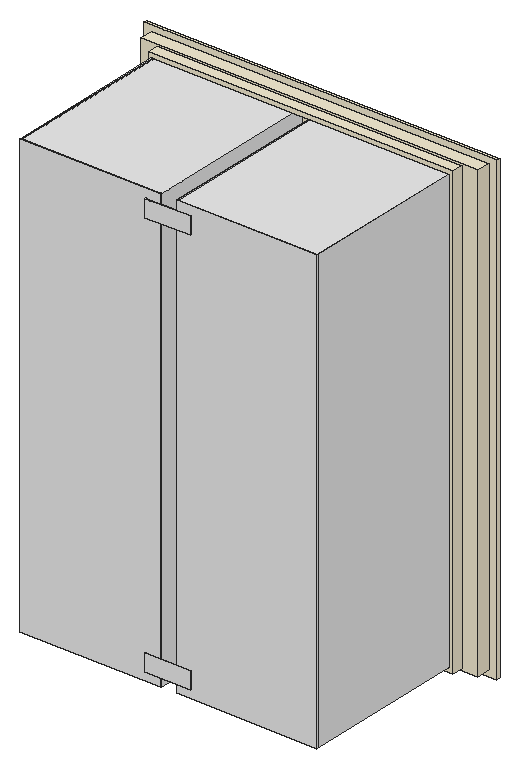
Revit family "4C-11_Door_High_Units_FL.rfa", category Specialty Equipment, host Wall, Revit 2016 (continued)
Definition of nested family "3700 Series 4C OM2 Configuration"
  Dimensions and locks (in)
    equal spacing: plane 4 "Left Side Face of Door", plane 3 "Center (Left/Right)", plane 5 "Right Side Face of Door"
    "Door Width": plane 4 "Left Side Face of Door" to plane 5 "Right Side Face of Door"
    plane 8 to level = 3.23047"
    equal spacing: plane 8, plane 9, level
    locked: plane 7 "Front Face of Door" to plane 10 at 0.343
    "Center Lock-Vertical": plane 4 "Left Side Face of Door" to plane 11 "Center Lock Vertical"
    "Center Lock-Horizontal": plane 8 to plane 12 "Center Lock Horizontal"
    locked: plane 14 "Divider Height Align" to plane 8 at 0.27
    plane 4 "Left Side Face of Door" to plane 16 "Left Stud Align" to plane 17 "Right Stud Align" = 0.985", 2.813"
    plane 8 to plane 18 "Top Stud Align" to plane 19 "Bottom Stud Align" = 0.959", 1.312"
    plane 20 "Hinge Stud Align" to plane 5 "Right Side Face of Door" = 1.000"
    plane 8 to plane 21 "Mail Plate Top" to plane 22 "Mail Plate Bottom" = 0.615", 2.000"
    plane 4 "Left Side Face of Door" to plane 23 to plane 24 = 4.528", 4.000"
    plane 27 "Top of Mail Drop Divider" to plane 26 "Top of Mail Drop Door" to plane 14 "Divider Height Align" = 0.26953" locked, 3.23047"
    "Door Height": plane 27 "Top of Mail Drop Divider" to level
    plane 28 "Face of Mail Drop" to plane 10 = 0.150"
    locked: plane 27 "Top of Mail Drop Divider" to plane 29 "Top of Mail Slot" at 0.5796
    locked: plane 29 "Top of Mail Slot" to plane 30 "Bottom of Mail Slot" at 0.75
    locked: plane 4 "Left Side Face of Door" to plane 31 "Left Edge of Mail Slot" at 1.312
    locked: plane 32 "Right Edge of Mail Slot" to plane 5 "Right Side Face of Door" at 1.312
    locked: plane 33 "Mail Slot Bottom Protusion" to plane 29 "Top of Mail Slot" at 0.089
    plane 28 "Face of Mail Drop" to plane 34 = 0.174"
    plane 33 "Mail Slot Bottom Protusion" to plane 35 = 0.3535"
    plane 28 "Face of Mail Drop" to plane 36 "Front of Awning" = 1.315"
    plane 4 "Left Side Face of Door" to plane 5 "Right Side Face of Door" = 13.375"
    plane 6 "Back Face of Door" to plane 36 "Front of Awning" = 1.76191"
    "Access Lock Offset": plane 39 "Access Lock Offset" to plane 6 "Back Face of Door"
    aligned and locked: level to plane 2 "Bottom of Door"
    aligned and locked: plane 4 "Left Side Face of Door" to Extrusion 1
    aligned and locked: plane 6 "Back Face of Door" to Extrusion 1
    aligned and locked: plane 7 "Front Face of Door" to Extrusion 1
    aligned and locked: Extrusion 1 to level
    aligned and locked: plane 8 to Extrusion 1
    aligned and locked: Extrusion 2 sketch curve to plane 4 "Left Side Face of Door"
    aligned and locked: Extrusion 2 sketch curve to plane 6 "Back Face of Door"
    aligned and locked: plane 5 "Right Side Face of Door" to Extrusion 2 sketch curve
    aligned and locked: Extrusion 2 to plane 8
    aligned and locked: plane 10 to Extrusion 2 sketch curve
    aligned and locked: plane 14 "Divider Height Align" to Extrusion 2
    aligned and locked: plane 4 "Left Side Face of Door" to Extrusion 2
    aligned and locked: Extrusion 2 to plane 5 "Right Side Face of Door"
    aligned and locked: Extrusion 13 to plane 28 "Face of Mail Drop"
    aligned and locked: plane 29 "Top of Mail Slot" to Extrusion 14 sketch curve
    aligned and locked: cut or joined group of Extrusion 13, Extrusion 14 to cut or joined group of Extrusion 13, Extrusion 14
    aligned and locked: cut or joined group of Extrusion 1, Extrusion 3 to plane 2 "Bottom of Door"
  Automatic sketch dimensions
    Extrusion 1 sketch curve to plane 4 "Left Side Face of Door" = 0.000"
    Extrusion 1 sketch curve to plane 6 "Back Face of Door" = 0.000"
    Extrusion 1 sketch curve to plane 7 "Front Face of Door" = 0.000"
    Extrusion 1 sketch curve to plane 5 "Right Side Face of Door" = 0.000"
    Extrusion 1 sketch curve to plane 4 "Left Side Face of Door" = 0.252"
    Extrusion 1 sketch curve to plane 20 "Hinge Stud Align" = 0.36875"
    Extrusion 1 sketch curve to plane 25 "Face of Mail Plate" = 0.07029"
    plane 5 "Right Side Face of Door" to Extrusion 1 sketch curve = 0.195"
    Extrusion 1 sketch curve to plane 25 "Face of Mail Plate" = 0.10562"
    Extrusion 1 sketch curve to plane 13 "Face of Lock" = 0.07658"
    plane 1 "Center (Front/Back)" to Extrusion 1 sketch curve = 0.05445"
    Extrusion 1 sketch curve to plane 13 "Face of Lock" = 0.12063"
    Extrusion 5 sketch curve to plane 11 "Center Lock Vertical" = 0.0293"
    plane 11 "Center Lock Vertical" to Extrusion 5 sketch curve = 0.0293"
    Extrusion 5 sketch curve to plane 9 = 0.30959"
    plane 9 to Extrusion 5 sketch curve = 0.30959"
    plane 16 "Left Stud Align" to Blend 6 sketch curve = 0.000"  (x2)
    Blend 6 sketch curve to plane 18 "Top Stud Align" = 0.000"  (x2)
    plane 17 "Right Stud Align" to Blend 7 sketch curve = 0.000"  (x2)
    Blend 7 sketch curve to plane 18 "Top Stud Align" = 0.000"  (x2)
    plane 16 "Left Stud Align" to Blend 8 sketch curve = 0.000"  (x2)
    Blend 8 sketch curve to plane 19 "Bottom Stud Align" = 0.000"  (x2)
    plane 17 "Right Stud Align" to Blend 9 sketch curve = 0.000"  (x2)
    Blend 9 sketch curve to plane 19 "Bottom Stud Align" = 0.000"  (x2)
    Blend 10 sketch curve to plane 18 "Top Stud Align" = 0.000"  (x2)
    plane 20 "Hinge Stud Align" to Blend 10 sketch curve = 0.000"  (x2)
    Blend 11 sketch curve to plane 19 "Bottom Stud Align" = 0.000"  (x2)
    plane 20 "Hinge Stud Align" to Blend 11 sketch curve = 0.000"  (x2)
    plane 24 to Extrusion 12 sketch curve = 0.000"
    Extrusion 12 sketch curve to plane 22 "Mail Plate Bottom" = 0.000"
    Extrusion 12 sketch curve to plane 21 "Mail Plate Top" = 0.000"
    plane 23 to Extrusion 12 sketch curve = 0.000"
    plane 24 to Extrusion 12 sketch curve = 0.19922"  (x2)
    plane 18 "Top Stud Align" to Extrusion 12 sketch curve = 0.14478"
    Extrusion 12 sketch curve to plane 23 = 0.19922"
    Extrusion 13 sketch curve to plane 5 "Right Side Face of Door" = 0.000"
    Extrusion 13 sketch curve to plane 4 "Left Side Face of Door" = 0.000"
    Extrusion 13 sketch curve to plane 6 "Back Face of Door" = 0.000"
    Extrusion 13 sketch curve to plane 7 "Front Face of Door" = 0.193"
    Extrusion 14 sketch curve to plane 30 "Bottom of Mail Slot" = 0.000"
    plane 32 "Right Edge of Mail Slot" to Extrusion 14 sketch curve = 0.375"
    Extrusion 14 sketch curve to plane 31 "Left Edge of Mail Slot" = 0.375"
    Extrusion 15 sketch curve to plane 35 = 0.000"
    Extrusion 15 sketch curve to plane 33 "Mail Slot Bottom Protusion" = 0.000"
    Extrusion 15 sketch curve to plane 34 = 0.000"
    Extrusion 15 sketch curve to plane 27 "Top of Mail Drop Divider" = 0.000"
    Extrusion 15 sketch curve to plane 6 "Back Face of Door" = 0.000"
    plane 26 "Top of Mail Drop Door" to Extrusion 15 sketch curve = 0.07158"
    Extrusion 15 sketch curve to plane 34 = 0.24578"
    plane 26 "Top of Mail Drop Door" to Extrusion 15 sketch curve = 0.09984"
    Extrusion 15 sketch curve to Extrusion 15 sketch curve = 0.01632"
    plane 37 to Extrusion 15 sketch curve = 0.05062"
    Extrusion 15 sketch curve to plane 33 "Mail Slot Bottom Protusion" = 0.01599"
    plane 33 "Mail Slot Bottom Protusion" to Extrusion 15 sketch curve = 0.01227"
    plane 36 "Front of Awning" to Extrusion 15 sketch curve = 0.17915"
    plane 35 to Extrusion 15 sketch curve = 0.02246"
    Extrusion 15 sketch curve to Extrusion 15 sketch curve = 0.0724"
    plane 36 "Front of Awning" to Extrusion 15 sketch curve = 0.04696"
    plane 36 "Front of Awning" to Extrusion 15 sketch curve = 0.02469"
    plane 36 "Front of Awning" to Extrusion 15 sketch curve = 0.00781"
    Extrusion 15 sketch curve to Extrusion 15 sketch curve = 0.05983"
    Extrusion 4 sketch curve to plane 9 = 0.000"
    plane 11 "Center Lock Vertical" to Extrusion 4 sketch curve = 0.000"
    Extrusion 3 sketch curve to plane 9 = 0.000"
    plane 11 "Center Lock Vertical" to Extrusion 3 sketch curve = 0.000"
    radius of Blend 6 sketch curve = 0.15665"
    radius of Blend 6 sketch curve = 0.3125"
    radius of Blend 7 sketch curve = 0.15665"
    radius of Blend 7 sketch curve = 0.3125"
    radius of Blend 8 sketch curve = 0.15665"
    radius of Blend 8 sketch curve = 0.3125"
    radius of Blend 9 sketch curve = 0.15665"
    radius of Blend 9 sketch curve = 0.3125"
    radius of Blend 10 sketch curve = 0.15665"
    radius of Blend 10 sketch curve = 0.3125"
    radius of Blend 11 sketch curve = 0.15665"
    radius of Blend 11 sketch curve = 0.3125"
    radius of Extrusion 4 sketch curve = 0.42913"
    radius of Extrusion 3 sketch curve = 0.4375"
Definition of nested family "4C Latch Lock-Right"
  Parameters (values of type "Lock Latch")
    Width = 1.750"
    Type Comments = "Lock Latch for Aluminum Mailboxes"
    Visible Latch = yes
    Manufacturer = "Salsbury Industries"
    Height = 1.375"
    Depth = 0.244"
    Back Enclosure Material = none
  Reference planes (in)
    plane 1 "Center (Front/Back)": y = 0
    plane 2 "left": z = 0
    plane 3 "Center (Left/Right)": x = 0
    plane 4 "top": x = -0.875
    plane 5 "bottom": x = 0.875
    plane 6 "Front": y = 0.122
    plane 7 "Back": y = -0.122
    plane 8 "Vertical Center": z = 0.6875
    plane 9 "right": z = 1.375
    plane 10: x = -1
    plane 11: x = -1.125
  Forms (in)
    Extrusion 1, solid, material <- "Back Enclosure Material", visible <- "Visible Latch"
      sketch origin (-0.67187, 0, 0.67188) x (0, 0, -1) y (0, 1, 0)
        loop
          line (-0.22131, -0.0902) -> (-0.70312, -0.0902) -> (-0.70312, -0.12209) -> (-0.22129, -0.12209)
          arc (-0.22129, -0.12209) -> (-0.1389, -0.08579) -> (-0.11009, -0.00048) r 0.11165
          arc (-0.11009, -0.00048) -> (-0.01599, 0.09362) -> (0.07812, -0.00048) r 0.09411
          arc (0.07812, -0.00048) -> (0.10866, -0.08591) -> (0.19189, -0.122) r 0.11401
          line (0.19189, -0.122) -> (0.67187, -0.122) -> (0.67187, -0.08954) -> (0.19205, -0.08954)
          arc (0.19205, -0.08954) -> (0.13091, -0.06294) -> (0.10869, -0.00006) r 0.08357
          arc (0.10869, -0.00006) -> (-0.01625, 0.12487) -> (-0.14118, -0.00006) r 0.12494
          arc (-0.14118, -0.00006) -> (-0.16101, -0.06312) -> (-0.22131, -0.0902) r 0.08069
      from -0.20313 to 1.54687
    Extrusion 2, void
      sketch origin (-0.86719, 0.122, 0.78906) x (0, 0, -1) y (1, 0, 0)
        loop
          line (0.02064, 1.43976) -> (0.02064, 0.31562) -> (0.29045, 0.31562) -> (0.29045, 0.47278) -> (0.12796, 0.47278) -> (0.12796, 1.28526) -> (0.27447, 1.28526) -> (0.27447, 1.43976) -> (0.02064, 1.43976)
      from -0.01091 to 0.1442
    Blend 3, solid, material <- "Back Enclosure Material", visible <- "Visible Latch"
      base sketch origin (-0.95312, 0.122, 0.96875) x (0, 0, -1) y (1, 0, 0)
        loop
          circle (-0.1252, 1.55349) r 0.1
      top sketch origin (-0.95312, 0.122, 0.96875) x (0, 0, -1) y (1, 0, 0)
        loop
          circle (-0.1252, 1.55349) r 0.215
      from 0.16742 to 0.21154
    Blend 4, solid, material <- "Back Enclosure Material", visible <- "Visible Latch"
      base sketch origin (-0.95312, 0.122, -0.54015) x (0, 0, -1) y (1, 0, 0)
        loop
          circle (-0.8037, 1.55349) r 0.1
      top sketch origin (-0.95312, 0.122, -0.54015) x (0, 0, -1) y (1, 0, 0)
        loop
          circle (-0.8037, 1.55349) r 0.215
      from 0.16742 to 0.21154
    Blend 5, solid, material <- "Back Enclosure Material", visible <- "Visible Latch"
      base sketch origin (-1.95312, 0.122, 0.96875) x (0, 0, -1) y (1, 0, 0)
        loop
          circle (-0.1252, 1.36599) r 0.1
      top sketch origin (-1.95312, 0.122, 0.96875) x (0, 0, -1) y (1, 0, 0)
        loop
          circle (-0.1252, 1.36599) r 0.215
      from 0.16742 to 0.21154
    Blend 6, solid, material <- "Back Enclosure Material", visible <- "Visible Latch"
      base sketch origin (-1.95312, 0.122, -0.55578) x (0, 0, -1) y (1, 0, 0)
        loop
          circle (-0.8037, 1.36599) r 0.1
      top sketch origin (-1.95312, 0.122, -0.55578) x (0, 0, -1) y (1, 0, 0)
        loop
          circle (-0.8037, 1.36599) r 0.215
      from 0.16742 to 0.21154
    Extrusion 7, solid, material <- "Back Enclosure Material", visible <- "Visible Latch"
      sketch origin (-1.22585, -7.77812, 0.87452) x (0, 0, -1) y (0, 1, 0)
        loop
          circle (0.18702, 7.77784) r 0.09014
      from 0.10085 to 2.10085
    Extrusion 8, solid, material <- "Back Enclosure Material", visible <- "Visible Latch"
      sketch origin (-0.59584, -7.78798, 0.67188) x (1, 0, 0) y (0, 1, 0)
        loop
          circle (0.12087, 7.81979) r 0.05
      from 0.01562 to -0.5
    Extrusion 9, solid, material <- "Back Enclosure Material", visible <- "Visible Latch"
      sketch origin (-1.09375, -0.02845, 1.02999) x (0, 0, -1) y (1, 0, 0)
        loop
          line (0.68574, 0.09375) -> (0.68574, 0.12475) -> (-0.00176, 0.12475) -> (-0.00176, 0.09375) -> (0.68574, 0.09375)
      from -0.25 to 0.09355
    Extrusion 10, void
      sketch origin (-0.969, -7.77845, 0.87437) x (0, 0, -1) y (0, -1, 0)
        loop
          circle (0.18637, -7.77776) r 0.09325
      from 0 to 0.031
  Cuts and joins
    Extrusion 2 cuts Extrusion 1
    Extrusion 10 cuts Extrusion 9
  Dimensions and locks (in)
    equal spacing: plane 7 "Back", plane 1 "Center (Front/Back)", plane 6 "Front"
    "Depth": plane 7 "Back" to plane 6 "Front"
    equal spacing: plane 4 "top", plane 3 "Center (Left/Right)", plane 5 "bottom"
    "Width": plane 4 "top" to plane 5 "bottom"
    equal spacing: plane 9 "right", plane 8 "Vertical Center", plane 2 "left"
    "Height": plane 9 "right" to plane 2 "left"
    plane 10 to plane 4 "top" = 0.125"
    plane 11 to plane 4 "top" = 0.250"
    plane 10 to plane 11 = 0.125"
    aligned and locked: level to plane 2 "left"
  Automatic sketch dimensions
    Extrusion 1 sketch curve to plane 7 "Back" = 0.000"
    Extrusion 1 sketch curve to plane 7 "Back" = 0.0318"
    plane 9 "right" to Extrusion 1 sketch curve = 0.000"
    Extrusion 1 sketch curve to plane 8 "Vertical Center" = 0.20569"
    plane 7 "Back" to Extrusion 1 sketch curve = 0.00009"
    Extrusion 1 sketch curve to plane 8 "Vertical Center" = 0.20567"
    plane 1 "Center (Front/Back)" to Extrusion 1 sketch curve = 0.00006"
    Extrusion 1 sketch curve to plane 8 "Vertical Center" = 0.00062"
    Extrusion 1 sketch curve to Extrusion 1 sketch curve = 0.00026"
    Extrusion 1 sketch curve to Extrusion 1 sketch curve = 0.20788"
    Extrusion 1 sketch curve to Extrusion 1 sketch curve = 0.00016"
    Extrusion 1 sketch curve to level = 0.000"
    Extrusion 1 sketch curve to plane 7 "Back" = 0.03246"
    plane 1 "Center (Front/Back)" to Extrusion 1 sketch curve = 0.01045"
    Extrusion 1 sketch curve to Extrusion 1 sketch curve = 0.00094"
    Extrusion 1 sketch curve to Extrusion 1 sketch curve = 0.00201"
    Extrusion 2 sketch curve to plane 8 "Vertical Center" = 0.08092"
    plane 5 "bottom" to Extrusion 2 sketch curve = 0.45693"
    plane 8 "Vertical Center" to Extrusion 2 sketch curve = 0.0264"
    Extrusion 2 sketch curve to Extrusion 2 sketch curve = 0.16249"
    Extrusion 2 sketch curve to Extrusion 2 sketch curve = 0.14651"
    Extrusion 2 sketch curve to plane 3 "Center (Left/Right)" = 0.3944"
    Extrusion 2 sketch curve to plane 4 "top" = 0.32343"
    plane 5 "bottom" to Extrusion 2 sketch curve = 0.30243"
    plane 5 "bottom" to Blend 3 sketch curve = 0.27463"  (x2)
    Blend 3 sketch curve to plane 8 "Vertical Center" = 0.40645"  (x2)
    plane 5 "bottom" to Blend 4 sketch curve = 0.27463"  (x2)
    level to Blend 4 sketch curve = 0.26355"  (x2)
    Blend 5 sketch curve to plane 8 "Vertical Center" = 0.40645"  (x2)
    Blend 5 sketch curve to plane 3 "Center (Left/Right)" = 0.58713"  (x2)
    level to Blend 6 sketch curve = 0.24792"  (x2)
    Blend 6 sketch curve to plane 3 "Center (Left/Right)" = 0.58713"  (x2)
    plane 1 "Center (Front/Back)" to Extrusion 7 sketch curve = 0.00028"
    plane 8 "Vertical Center" to Extrusion 7 sketch curve = 0.000"
    Extrusion 8 sketch curve to plane 1 "Center (Front/Back)" = 0.03181"
    Extrusion 8 sketch curve to plane 4 "top" = 0.40003"
    Extrusion 9 sketch curve to plane 8 "Vertical Center" = 0.34425"
    level to Extrusion 9 sketch curve = 0.34425"
    plane 4 "top" to Extrusion 9 sketch curve = 0.125"
    Extrusion 9 sketch curve to Extrusion 9 sketch curve = 0.031"
    plane 1 "Center (Front/Back)" to Extrusion 10 sketch curve = 0.0007"
    Extrusion 10 sketch curve to plane 8 "Vertical Center" = 0.0005"
    radius of Blend 3 sketch curve = 0.100"
    radius of Blend 3 sketch curve = 0.215"
    radius of Blend 4 sketch curve = 0.100"
    radius of Blend 4 sketch curve = 0.215"
    radius of Blend 5 sketch curve = 0.100"
    radius of Blend 5 sketch curve = 0.215"
    radius of Blend 6 sketch curve = 0.100"
    radius of Blend 6 sketch curve = 0.215"
    radius of Extrusion 7 sketch curve = 0.09014"
    radius of Extrusion 8 sketch curve = 0.050"
    radius of Extrusion 10 sketch curve = 0.09325"
Definition of nested family "4C Latch Lock-Left"
  Parameters (values of type "Lock Latch")
    Width = 1.750"
    Type Comments = "Lock Latch for Aluminum Mailboxes"
    Visible Latch = yes
    Manufacturer = "Salsbury Industries"
    Height = 1.375"
    Depth = 0.244"
    Back Enclosure Material = none
  Reference planes (in)
    plane 1 "Center (Front/Back)": y = 0
    plane 2 "left": z = 0
    plane 3 "Center (Left/Right)": x = 0
    plane 4 "top": x = -0.875
    plane 5 "bottom": x = 0.875
    plane 6 "Front": y = 0.122
    plane 7 "Back": y = -0.122
    plane 8 "Vertical Center": z = 0.6875
    plane 9 "right": z = 1.375
    plane 10: x = 1
    plane 11: x = 1.125
  Forms (in)
    Extrusion 1, solid, material <- "Back Enclosure Material", visible <- "Visible Latch"
      sketch origin (-0.67187, 0, 0.67188) x (0, 0, -1) y (0, 1, 0)
        loop
          line (-0.22131, -0.0902) -> (-0.70312, -0.0902) -> (-0.70312, -0.12209) -> (-0.22129, -0.12209)
          arc (-0.22129, -0.12209) -> (-0.1389, -0.08579) -> (-0.11009, -0.00048) r 0.11165
          arc (-0.11009, -0.00048) -> (-0.01599, 0.09362) -> (0.07812, -0.00048) r 0.09411
          arc (0.07812, -0.00048) -> (0.10866, -0.08591) -> (0.19189, -0.122) r 0.11401
          line (0.19189, -0.122) -> (0.67187, -0.122) -> (0.67187, -0.08954) -> (0.19205, -0.08954)
          arc (0.19205, -0.08954) -> (0.13091, -0.06294) -> (0.10869, -0.00006) r 0.08357
          arc (0.10869, -0.00006) -> (-0.01625, 0.12487) -> (-0.14118, -0.00006) r 0.12494
          arc (-0.14118, -0.00006) -> (-0.16101, -0.06312) -> (-0.22131, -0.0902) r 0.08069
      from -0.20313 to 1.54687
    Extrusion 2, void
      sketch origin (-0.86719, 0.122, 0.78906) x (0, 0, -1) y (1, 0, 0)
        loop
          line (0.02064, 1.43976) -> (0.02064, 0.31562) -> (0.29045, 0.31562) -> (0.29045, 0.47278) -> (0.12796, 0.47278) -> (0.12796, 1.28526) -> (0.27447, 1.28526) -> (0.27447, 1.43976) -> (0.02064, 1.43976)
      from -0.01091 to 0.1442
    Blend 3, solid, material <- "Back Enclosure Material", visible <- "Visible Latch"
      base sketch origin (-0.95312, 0.122, 0.96875) x (0, 0, -1) y (1, 0, 0)
        loop
          circle (-0.1252, 1.55349) r 0.1
      top sketch origin (-0.95312, 0.122, 0.96875) x (0, 0, -1) y (1, 0, 0)
        loop
          circle (-0.1252, 1.55349) r 0.215
      from 0.16742 to 0.21154
    Blend 4, solid, material <- "Back Enclosure Material", visible <- "Visible Latch"
      base sketch origin (-0.95312, 0.122, -0.54015) x (0, 0, -1) y (1, 0, 0)
        loop
          circle (-0.8037, 1.55349) r 0.1
      top sketch origin (-0.95312, 0.122, -0.54015) x (0, 0, -1) y (1, 0, 0)
        loop
          circle (-0.8037, 1.55349) r 0.215
      from 0.16742 to 0.21154
    Blend 5, solid, material <- "Back Enclosure Material", visible <- "Visible Latch"
      base sketch origin (-1.95312, 0.122, 0.96875) x (0, 0, -1) y (1, 0, 0)
        loop
          circle (-0.1252, 1.36599) r 0.1
      top sketch origin (-1.95312, 0.122, 0.96875) x (0, 0, -1) y (1, 0, 0)
        loop
          circle (-0.1252, 1.36599) r 0.215
      from 0.16742 to 0.21154
    Blend 6, solid, material <- "Back Enclosure Material", visible <- "Visible Latch"
      base sketch origin (-1.95312, 0.122, -0.55578) x (0, 0, -1) y (1, 0, 0)
        loop
          circle (-0.8037, 1.36599) r 0.1
      top sketch origin (-1.95312, 0.122, -0.55578) x (0, 0, -1) y (1, 0, 0)
        loop
          circle (-0.8037, 1.36599) r 0.215
      from 0.16742 to 0.21154
    Extrusion 7, solid, material <- "Back Enclosure Material", visible <- "Visible Latch"
      sketch origin (-1.22585, -7.77812, 0.87452) x (0, 0, -1) y (0, 1, 0)
        loop
          circle (0.18702, 7.77784) r 0.09014
      from 0.35085 to 2.35085
    Extrusion 8, solid, material <- "Back Enclosure Material", visible <- "Visible Latch"
      sketch origin (0.37291, -7.78798, 0.67188) x (1, 0, 0) y (0, 1, 0)
        loop
          circle (0.12087, 7.81979) r 0.05
      from 0.01562 to -0.5
    Extrusion 9, solid, material <- "Back Enclosure Material", visible <- "Visible Latch"
      sketch origin (0.87525, -0.02845, 1.02999) x (0, 0, -1) y (1, 0, 0)
        loop
          line (0.68574, 0.09375) -> (0.68574, 0.12475) -> (-0.00176, 0.12475) -> (-0.00176, 0.09375) -> (0.68574, 0.09375)
      from -0.25 to 0.09355
    Extrusion 10, void
      sketch origin (1, -7.77845, 0.87437) x (0, 0, -1) y (0, -1, 0)
        loop
          circle (0.18637, -7.77776) r 0.09325
      from 0 to 0.031
  Cuts and joins
    Extrusion 2 cuts Extrusion 1
    Extrusion 10 cuts Extrusion 9
  Dimensions and locks (in)
    equal spacing: plane 7 "Back", plane 1 "Center (Front/Back)", plane 6 "Front"
    "Depth": plane 7 "Back" to plane 6 "Front"
    equal spacing: plane 4 "top", plane 3 "Center (Left/Right)", plane 5 "bottom"
    "Width": plane 4 "top" to plane 5 "bottom"
    equal spacing: plane 9 "right", plane 8 "Vertical Center", plane 2 "left"
    "Height": plane 9 "right" to plane 2 "left"
    plane 4 "top" to plane 10 = 1.875"
    plane 5 "bottom" to plane 11 = 0.250"
    plane 11 to plane 10 = 0.125"
    aligned and locked: level to plane 2 "left"
  Automatic sketch dimensions
    Extrusion 1 sketch curve to plane 7 "Back" = 0.000"
    Extrusion 1 sketch curve to plane 7 "Back" = 0.0318"
    plane 9 "right" to Extrusion 1 sketch curve = 0.000"
    Extrusion 1 sketch curve to plane 8 "Vertical Center" = 0.20569"
    plane 7 "Back" to Extrusion 1 sketch curve = 0.00009"
    Extrusion 1 sketch curve to plane 8 "Vertical Center" = 0.20567"
    plane 1 "Center (Front/Back)" to Extrusion 1 sketch curve = 0.00006"
    Extrusion 1 sketch curve to plane 8 "Vertical Center" = 0.00062"
    Extrusion 1 sketch curve to Extrusion 1 sketch curve = 0.00026"
    Extrusion 1 sketch curve to Extrusion 1 sketch curve = 0.20788"
    Extrusion 1 sketch curve to Extrusion 1 sketch curve = 0.00016"
    Extrusion 1 sketch curve to level = 0.000"
    Extrusion 1 sketch curve to plane 7 "Back" = 0.03246"
    plane 1 "Center (Front/Back)" to Extrusion 1 sketch curve = 0.01045"
    Extrusion 1 sketch curve to Extrusion 1 sketch curve = 0.00094"
    Extrusion 1 sketch curve to Extrusion 1 sketch curve = 0.00201"
    Extrusion 2 sketch curve to plane 8 "Vertical Center" = 0.08092"
    plane 5 "bottom" to Extrusion 2 sketch curve = 0.45693"
    plane 8 "Vertical Center" to Extrusion 2 sketch curve = 0.0264"
    Extrusion 2 sketch curve to Extrusion 2 sketch curve = 0.16249"
    Extrusion 2 sketch curve to Extrusion 2 sketch curve = 0.14651"
    Extrusion 2 sketch curve to plane 3 "Center (Left/Right)" = 0.3944"
    Extrusion 2 sketch curve to plane 4 "top" = 0.32343"
    plane 5 "bottom" to Extrusion 2 sketch curve = 0.30243"
    plane 5 "bottom" to Blend 3 sketch curve = 0.27463"  (x2)
    Blend 3 sketch curve to plane 8 "Vertical Center" = 0.40645"  (x2)
    plane 5 "bottom" to Blend 4 sketch curve = 0.27463"  (x2)
    level to Blend 4 sketch curve = 0.26355"  (x2)
    Blend 5 sketch curve to plane 8 "Vertical Center" = 0.40645"  (x2)
    Blend 5 sketch curve to plane 3 "Center (Left/Right)" = 0.58713"  (x2)
    level to Blend 6 sketch curve = 0.24792"  (x2)
    Blend 6 sketch curve to plane 3 "Center (Left/Right)" = 0.58713"  (x2)
    plane 1 "Center (Front/Back)" to Extrusion 7 sketch curve = 0.00028"
    plane 8 "Vertical Center" to Extrusion 7 sketch curve = 0.000"
    Extrusion 8 sketch curve to plane 1 "Center (Front/Back)" = 0.03181"
    Extrusion 8 sketch curve to plane 4 "top" = 1.36878"
    Extrusion 9 sketch curve to plane 8 "Vertical Center" = 0.34425"
    level to Extrusion 9 sketch curve = 0.34425"
    Extrusion 9 sketch curve to plane 4 "top" = 1.844"
    Extrusion 9 sketch curve to Extrusion 9 sketch curve = 0.031"
    plane 1 "Center (Front/Back)" to Extrusion 10 sketch curve = 0.0007"
    Extrusion 10 sketch curve to plane 8 "Vertical Center" = 0.0005"
    radius of Blend 3 sketch curve = 0.100"
    radius of Blend 3 sketch curve = 0.215"
    radius of Blend 4 sketch curve = 0.100"
    radius of Blend 4 sketch curve = 0.215"
    radius of Blend 5 sketch curve = 0.100"
    radius of Blend 5 sketch curve = 0.215"
    radius of Blend 6 sketch curve = 0.100"
    radius of Blend 6 sketch curve = 0.215"
    radius of Extrusion 7 sketch curve = 0.09014"
    radius of Extrusion 8 sketch curve = 0.050"
    radius of Extrusion 10 sketch curve = 0.09325"
Types (13): name | Width | Vertical Center Divider | Type Comments | Top Back Plate | Right Inside Wall | Model | Left Inside Wall | Latch Alignment | Door Slot R9 Number | Door Slot R9 | Door Slot R8 Number | Door Slot R8 | Door Slot R7 Number | Door Slot R7 | Door Slot R6 | Door Slot R5 Number | Door Slot R5 | Door Slot R4 Number | Door Slot R4 | Door Slot R3 Number | Door Slot R3 | Door Slot R2 Number | Door Slot R2 | Door Slot R11 Number | Door Slot R11 | Door Slot R10 Number | Door Slot R10 | Door Slot R1 Number | Door Slot R1 | Door Slot L9 Number | Door Slot L9 | Door Slot L8 Number | Door Slot L8 | Door Slot L7 Number | Door Slot L7 | Door Slot L6 Number | Door Slot L6 | Door Slot L5 Number | Door Slot L5 | Door Slot L4 Number | Door Slot L4 | Door Slot L3 Number | Door Slot L3 | Door Slot L2 Number | Door Slot L2 | Door Slot L11 Number | Door Slot L11 | Door Slot L10 Number | Door Slot L10 | Door Slot L1 Number | Door Slot L1 | Description | Center Extrusion Offset | Bottom Back Plate | Above Finished Floor (AFF-Bottom of Unit) | Above Finished Floor (AFF-Bottom of Door)
  3711D-20 FL | 31.09766" | yes | "4C Standard Horizontal Mailbox - Front Loading" | yes | yes | "3711D-20 FL" | yes | 14.85742" | "18" | 3700 Series 4C Door Configurations : MB1 Door w/ Divider | "17" | 3700 Series 4C Door Configurations : MB1 Door w/ Divider | "16" | 3700 Series 4C Door Configurations : MB1 Door w/ Divider | 3700 Series 4C OM2 Configuration : OM2-FL | "0" | 3700 Series 4C Door Configurations : Empty | "15" | 3700 Series 4C Door Configurations : MB1 Door w/ Divider | "14" | 3700 Series 4C Door Configurations : MB1 Door w/ Divider | "13" | 3700 Series 4C Door Configurations : MB1 Door w/ Divider | "20" | 3700 Series 4C Door Configurations : MB1 Door w/ Divider | "19" | 3700 Series 4C Door Configurations : MB1 Door w/ Divider | "12" | 3700 Series 4C Door Configurations : MB1 Door | "9" | 3700 Series 4C Door Configurations : MB1 Door w/ Divider | "8" | 3700 Series 4C Door Configurations : MB1 Door w/ Divider | "7" | 3700 Series 4C Door Configurations : MB1 Door w/ Divider | "6" | 3700 Series 4C Door Configurations : MB1 Door w/ Divider | "5" | 3700 Series 4C Door Configurations : MB1 Door w/ Divider | "4" | 3700 Series 4C Door Configurations : MB1 Door w/ Divider | "3" | 3700 Series 4C Door Configurations : MB1 Door w/ Divider | "2" | 3700 Series 4C Door Configurations : MB1 Door w/ Divider | "11" | 3700 Series 4C Door Configurations : MB1 Door w/ Divider | "10" | 3700 Series 4C Door Configurations : MB1 Door w/ Divider | "1" | 3700 Series 4C Door Configurations : MB1 Door | "11 Door High Unit: 20 MB1, OM2" | 0.000" | yes | 26.683" | 28.000"
  3711S-09 FL | 16.34375" | no | "4C Standard Horizontal Mailbox - Front Loading" | no | no | "3711S-09 FL" | no | 13.876" | "7" | 3700 Series 4C Door Configurations : MB1 Door w/ Divider | "6" | 3700 Series 4C Door Configurations : MB1 Door w/ Divider | "5" | 3700 Series 4C Door Configurations : MB1 Door w/ Divider | 3700 Series 4C OM2 Configuration : OM2-FL | "0" | 3700 Series 4C Door Configurations : Empty | "4" | 3700 Series 4C Door Configurations : MB1 Door w/ Divider | "3" | 3700 Series 4C Door Configurations : MB1 Door w/ Divider | "2" | 3700 Series 4C Door Configurations : MB1 Door w/ Divider | "9" | 3700 Series 4C Door Configurations : MB1 Door w/ Divider | "8" | 3700 Series 4C Door Configurations : MB1 Door w/ Divider | "1" | 3700 Series 4C Door Configurations : MB1 Door | "0" | 3700 Series 4C Door Configurations : Empty | "0" | 3700 Series 4C Door Configurations : Empty | "0" | 3700 Series 4C Door Configurations : Empty | "0" | 3700 Series 4C Door Configurations : Empty | "0" | 3700 Series 4C Door Configurations : Empty | "0" | 3700 Series 4C Door Configurations : Empty | "0" | 3700 Series 4C Door Configurations : Empty | "0" | 3700 Series 4C Door Configurations : Empty | "0" | 3700 Series 4C Door Configurations : Empty | "0" | 3700 Series 4C Door Configurations : Empty | "0" | 3700 Series 4C Door Configurations : Empty | "11 Door High Unit: 9 MB1, OM2" | 48.000" | no | 26.683" | 28.000"
  3711D-19 FL | 31.09766" | yes | "4C Standard Horizontal Mailbox - Front Loading" | yes | yes | "3711D-19 FL" | yes | 14.85742" | "17" | 3700 Series 4C Door Configurations : MB1 Door w/ Divider | "16" | 3700 Series 4C Door Configurations : MB1 Door w/ Divider | "0" | 3700 Series 4C OM3 Configuration : OM3-FL | 3700 Series 4C Door Configurations : Empty | "0" | 3700 Series 4C Door Configurations : Empty | "15" | 3700 Series 4C Door Configurations : MB1 Door w/ Divider | "14" | 3700 Series 4C Door Configurations : MB1 Door w/ Divider | "13" | 3700 Series 4C Door Configurations : MB1 Door w/ Divider | "19" | 3700 Series 4C Door Configurations : MB1 Door w/ Divider | "18" | 3700 Series 4C Door Configurations : MB1 Door w/ Divider | "12" | 3700 Series 4C Door Configurations : MB1 Door | "9" | 3700 Series 4C Door Configurations : MB1 Door w/ Divider | "8" | 3700 Series 4C Door Configurations : MB1 Door w/ Divider | "7" | 3700 Series 4C Door Configurations : MB1 Door w/ Divider | "6" | 3700 Series 4C Door Configurations : MB1 Door w/ Divider | "5" | 3700 Series 4C Door Configurations : MB1 Door w/ Divider | "4" | 3700 Series 4C Door Configurations : MB1 Door w/ Divider | "3" | 3700 Series 4C Door Configurations : MB1 Door w/ Divider | "2" | 3700 Series 4C Door Configurations : MB1 Door w/ Divider | "11" | 3700 Series 4C Door Configurations : MB1 Door w/ Divider | "10" | 3700 Series 4C Door Configurations : MB1 Door w/ Divider | "1" | 3700 Series 4C Door Configurations : MB1 Door | "11 Door High Unit: 19 MB1, OM3" | 0.000" | yes | 26.683" | 28.000"
  3711D-15 FL | 31.09766" | yes | "4C Standard Horizontal Mailbox - Front Loading" | yes | yes | "3711D-15 FL" | yes | 14.85742" | "13" | 3700 Series 4C Door Configurations : MB1 Door w/ Divider | "12" | 3700 Series 4C Door Configurations : MB1 Door w/ Divider | "11" | 3700 Series 4C Door Configurations : MB1 Door w/ Divider | 3700 Series 4C OM2 Configuration : OM2-FL | "0" | 3700 Series 4C Door Configurations : Empty | "10" | 3700 Series 4C Door Configurations : MB1 Door w/ Divider | "9" | 3700 Series 4C Door Configurations : MB1 Door w/ Divider | "8" | 3700 Series 4C Door Configurations : MB1 Door w/ Divider | "15" | 3700 Series 4C Door Configurations : MB1 Door w/ Divider | "14" | 3700 Series 4C Door Configurations : MB1 Door w/ Divider | "7" | 3700 Series 4C Door Configurations : MB1 Door | "0" | 3700 Series 4C Door Configurations : Empty | "0" | 3700 Series 4C Door Configurations : Empty | "0" | 3700 Series 4C Door Configurations : Empty | "6" | 3700 Series 4C Door Configurations : MB1 Door w/ Divider | "5" | 3700 Series 4C Door Configurations : MB1 Door w/ Divider | "4" | 3700 Series 4C Door Configurations : MB1 Door w/ Divider | "3" | 3700 Series 4C Door Configurations : MB1 Door w/ Divider | "2" | 3700 Series 4C Door Configurations : MB1 Door w/ Divider | "1P" | 3700 Series 4C Parcel Configurations : PL5 w/ Divider | "0" | 3700 Series 4C Door Configurations : Empty | "1" | 3700 Series 4C Door Configurations : MB1 Door | "11 Door High Unit: 15 MB1, 1 PL5, OM2" | 0.000" | yes | 26.683" | 28.000"
  3711D-10 FL | 31.09766" | yes | "4C Standard Horizontal Mailbox - Front Loading" | yes | yes | "3711D-10 FL" | yes | 14.85742" | "0" | 3700 Series 4C Door Configurations : Empty | "0" | 3700 Series 4C Door Configurations : Empty | "0" | 3700 Series 4C Door Configurations : Empty | 3700 Series 4C OM2 Configuration : OM2-FL | "0" | 3700 Series 4C Door Configurations : Empty | "10" | 3700 Series 4C Door Configurations : MB1 Door w/ Divider | "9" | 3700 Series 4C Door Configurations : MB1 Door w/ Divider | "8" | 3700 Series 4C Door Configurations : MB1 Door w/ Divider | "2P" | 3700 Series 4C Parcel Configurations : PL5 w/ Divider | "0" | 3700 Series 4C Door Configurations : Empty | "7" | 3700 Series 4C Door Configurations : MB1 Door | "0" | 3700 Series 4C Door Configurations : Empty | "0" | 3700 Series 4C Door Configurations : Empty | "0" | 3700 Series 4C Door Configurations : Empty | "6" | 3700 Series 4C Door Configurations : MB1 Door w/ Divider | "5" | 3700 Series 4C Door Configurations : MB1 Door w/ Divider | "4" | 3700 Series 4C Door Configurations : MB1 Door w/ Divider | "3" | 3700 Series 4C Door Configurations : MB1 Door w/ Divider | "2" | 3700 Series 4C Door Configurations : MB1 Door w/ Divider | "1P" | 3700 Series 4C Parcel Configurations : PL5 w/ Divider | "0" | 3700 Series 4C Door Configurations : Empty | "1" | 3700 Series 4C Door Configurations : MB1 Door | "11 Door High Unit: 10 MB1, 2 PL5, OM2" | 0.000" | yes | 13.683" | 15.000"
  3711D-09 FL | 31.09766" | yes | "4C Standard Horizontal Mailbox - Front Loading" | yes | yes | "3711D-09 FL" | yes | 14.85742" | "0" | 3700 Series 4C Door Configurations : Empty | "0" | 3700 Series 4C Door Configurations : Empty | "0" | 3700 Series 4C Door Configurations : Empty | 3700 Series 4C OM2 Configuration : OM2-FL | "0" | 3700 Series 4C Door Configurations : Empty | "9" | 3700 Series 4C Door Configurations : MB1 Door w/ Divider | "8" | 3700 Series 4C Door Configurations : MB1 Door w/ Divider | "7" | 3700 Series 4C Door Configurations : MB1 Door w/ Divider | "2P" | 3700 Series 4C Parcel Configurations : PL5 w/ Divider | "0" | 3700 Series 4C Door Configurations : Empty | "6" | 3700 Series 4C Door Configurations : MB1 Door | "0" | 3700 Series 4C Door Configurations : Empty | "0" | 3700 Series 4C Door Configurations : Empty | "0" | 3700 Series 4C Door Configurations : Empty | "6" | 3700 Series 4C Door Configurations : Empty | "5" | 3700 Series 4C Door Configurations : MB1 Door w/ Divider | "4" | 3700 Series 4C Door Configurations : MB1 Door w/ Divider | "3" | 3700 Series 4C Door Configurations : MB1 Door w/ Divider | "2" | 3700 Series 4C Door Configurations : MB1 Door w/ Divider | "1P" | 3700 Series 4C Parcel Configurations : PL6 w/ Divider | "0" | 3700 Series 4C Door Configurations : Empty | "1" | 3700 Series 4C Door Configurations : MB1 Door | "11 Door High Unit: 9 MB1, 1 PL5, 1 PL6, OM2" | 0.000" | yes | 13.683" | 15.000"
  3711D-05 FL | 31.09766" | yes | "4C Standard Horizontal Mailbox - Front Loading" | yes | yes | "3711D-10 FL" | yes | 14.85742" | "0" | 3700 Series 4C Door Configurations : Empty | "0" | 3700 Series 4C Door Configurations : Empty | "0" | 3700 Series 4C Door Configurations : Empty | 3700 Series 4C OM2 Configuration : OM2-FL | "0" | 3700 Series 4C Door Configurations : Empty | "5" | 3700 Series 4C Door Configurations : MB2 Door w/ Divider | "0" | 3700 Series 4C Door Configurations : Empty | "4" | 3700 Series 4C Door Configurations : MB2 Door | "2P" | 3700 Series 4C Parcel Configurations : PL5 w/ Divider | "0" | 3700 Series 4C Door Configurations : Empty | "0" | 3700 Series 4C Door Configurations : Empty | "0" | 3700 Series 4C Door Configurations : Empty | "0" | 3700 Series 4C Door Configurations : Empty | "0" | 3700 Series 4C Door Configurations : Empty | "3" | 3700 Series 4C Door Configurations : MB2 Door w/ Divider | "0" | 3700 Series 4C Door Configurations : Empty | "2" | 3700 Series 4C Door Configurations : MB2 Door w/ Divider | "0" | 3700 Series 4C Door Configurations : Empty | "1" | 3700 Series 4C Door Configurations : MB2 Door | "1P" | 3700 Series 4C Parcel Configurations : PL5 w/ Divider | "0" | 3700 Series 4C Door Configurations : Empty | "0" | 3700 Series 4C Door Configurations : Empty | "11 Door High Unit: 5 MB2, 2 PL5, OM2" | 0.000" | yes | 13.683" | 15.000"
  3711D-4P FL | 31.09766" | yes | "4C Standard Horizontal Mailbox - Front Loading" | yes | yes | "3711D-4P FL" | yes | 14.85742" | "0" | 3700 Series 4C Door Configurations : Empty | "0" | 3700 Series 4C Door Configurations : Empty | "0" | 3700 Series 4C Door Configurations : Empty | 3700 Series 4C OM1 Configuration : OM1-FL | "3P" | 3700 Series 4C Parcel Configurations : PL5 | "0" | 3700 Series 4C Door Configurations : Empty | "0" | 3700 Series 4C Door Configurations : Empty | "0" | 3700 Series 4C Door Configurations : Empty | "4P" | 3700 Series 4C Parcel Configurations : PL5 w/ Divider | "0" | 3700 Series 4C Door Configurations : Empty | "0" | 3700 Series 4C Door Configurations : Empty | "0" | 3700 Series 4C Door Configurations : Empty | "0" | 3700 Series 4C Door Configurations : Empty | "0" | 3700 Series 4C Door Configurations : Empty | "0" | 3700 Series 4C Door Configurations : Empty | "1P" | 3700 Series 4C Parcel Configurations : PL5 | "0" | 3700 Series 4C Door Configurations : Empty | "0" | 3700 Series 4C Door Configurations : Empty | "0" | 3700 Series 4C Door Configurations : Empty | "2P" | 3700 Series 4C Parcel Configurations : PL6 w/ Divider | "0" | 3700 Series 4C Door Configurations : Empty | "0" | 3700 Series 4C Door Configurations : Empty | "11 Door High Unit: 3 PL5, 1 PL6, CA" | 0.000" | yes | 13.683" | 15.000"
  3711S-04 FL | 16.34375" | no | "4C Standard Horizontal Mailbox - Front Loading" | no | no | "3711S-04 FL" | no | 13.876" | "0" | 3700 Series 4C Door Configurations : Empty | "0" | 3700 Series 4C Door Configurations : Empty | "0" | 3700 Series 4C Door Configurations : Empty | 3700 Series 4C OM2 Configuration : OM2-FL | "0" | 3700 Series 4C Door Configurations : Empty | "4" | 3700 Series 4C Door Configurations : MB1 Door w/ Divider | "3" | 3700 Series 4C Door Configurations : MB1 Door w/ Divider | "2" | 3700 Series 4C Door Configurations : MB1 Door w/ Divider | "1P" | 3700 Series 4C Parcel Configurations : PL5 w/ Divider | "0" | 3700 Series 4C Door Configurations : Empty | "1" | 3700 Series 4C Door Configurations : MB1 Door | "0" | 3700 Series 4C Door Configurations : Empty | "0" | 3700 Series 4C Door Configurations : Empty | "0" | 3700 Series 4C Door Configurations : Empty | "0" | 3700 Series 4C Door Configurations : Empty | "0" | 3700 Series 4C Door Configurations : Empty | "0" | 3700 Series 4C Door Configurations : Empty | "0" | 3700 Series 4C Door Configurations : Empty | "0" | 3700 Series 4C Door Configurations : Empty | "0" | 3700 Series 4C Door Configurations : Empty | "0" | 3700 Series 4C Door Configurations : Empty | "0" | 3700 Series 4C Door Configurations : Empty | "11 Door High Unit: 4 MB1, 1 PL5, OM2" | 48.000" | no | 13.683" | 15.000"
  3711S-02 FL | 16.34375" | no | "4C Standard Horizontal Mailbox - Front Loading" | no | no | "3711S-02 FL" | no | 13.876" | "0" | 3700 Series 4C Door Configurations : Empty | "0" | 3700 Series 4C Door Configurations : Empty | "0" | 3700 Series 4C Door Configurations : Empty | 3700 Series 4C OM2 Configuration : OM2-FL | "0" | 3700 Series 4C Door Configurations : Empty | "2" | 3700 Series 4C Door Configurations : MB2 Door w/ Divider | "0" | 3700 Series 4C Door Configurations : Empty | "1" | 3700 Series 4C Door Configurations : MB2 Door | "1P" | 3700 Series 4C Parcel Configurations : PL5 w/ Divider | "0" | 3700 Series 4C Door Configurations : Empty | "0" | 3700 Series 4C Door Configurations : Empty | "0" | 3700 Series 4C Door Configurations : Empty | "0" | 3700 Series 4C Door Configurations : Empty | "0" | 3700 Series 4C Door Configurations : Empty | "0" | 3700 Series 4C Door Configurations : Empty | "0" | 3700 Series 4C Door Configurations : Empty | "0" | 3700 Series 4C Door Configurations : Empty | "0" | 3700 Series 4C Door Configurations : Empty | "0" | 3700 Series 4C Door Configurations : Empty | "0" | 3700 Series 4C Door Configurations : Empty | "0" | 3700 Series 4C Door Configurations : Empty | "0" | 3700 Series 4C Door Configurations : Empty | "11 Door High Unit: 2 MB2, 1 PL5, OM2" | 48.000" | no | 13.683" | 15.000"
  3711S-2P FL | 16.34375" | no | "4C Standard Horizontal Mailbox - Front Loading" | no | no | "3711S-2P FL" | no | 13.876" | "0" | 3700 Series 4C Door Configurations : Empty | "0" | 3700 Series 4C Door Configurations : Empty | "0" | 3700 Series 4C Door Configurations : Empty | 3700 Series 4C Door Configurations : Empty | "1P" | 3700 Series 4C Parcel Configurations : PL5 | "0" | 3700 Series 4C Door Configurations : Empty | "0" | 3700 Series 4C Door Configurations : Empty | "0" | 3700 Series 4C Door Configurations : Empty | "2P" | 3700 Series 4C Parcel Configurations : PL6 w/ Divider | "0" | 3700 Series 4C Door Configurations : Empty | "0" | 3700 Series 4C Door Configurations : Empty | "0" | 3700 Series 4C Door Configurations : Empty | "0" | 3700 Series 4C Door Configurations : Empty | "0" | 3700 Series 4C Door Configurations : Empty | "0" | 3700 Series 4C Door Configurations : Empty | "0" | 3700 Series 4C Door Configurations : Empty | "0" | 3700 Series 4C Door Configurations : Empty | "0" | 3700 Series 4C Door Configurations : Empty | "0" | 3700 Series 4C Door Configurations : Empty | "0" | 3700 Series 4C Door Configurations : Empty | "0" | 3700 Series 4C Door Configurations : Empty | "0" | 3700 Series 4C Door Configurations : Empty | "11 Door High Unit:  1 PL5, 1 PL6" | 48.000" | no | 13.683" | 15.000"
  3711S-1C FL | 16.34375" | no | "4C Horizontal Collection Box - Front Loading" | no | no | "3711S-1C FL" | no | 13.876" | "0" | 3700 Series 4C Door Configurations : Empty | "0" | 3700 Series 4C Door Configurations : Empty | "0" | 3700 Series 4C Door Configurations : Empty | 3700 Series 4C Door Configurations : Empty | "0" | 3700 Series 4C Door Configurations : Empty | "0" | 3700 Series 4C Door Configurations : Empty | "0" | 3700 Series 4C Door Configurations : Empty | "0" | 3700 Series 4C Door Configurations : Empty | "0" | 4C-11 Door High Collection Box : 4C-11 Door High Collection Box | "0" | 3700 Series 4C Door Configurations : Empty | "0" | 3700 Series 4C Door Configurations : Empty | "0" | 3700 Series 4C Door Configurations : Empty | "0" | 3700 Series 4C Door Configurations : Empty | "0" | 3700 Series 4C Door Configurations : Empty | "0" | 3700 Series 4C Door Configurations : Empty | "0" | 3700 Series 4C Door Configurations : Empty | "0" | 3700 Series 4C Door Configurations : Empty | "0" | 3700 Series 4C Door Configurations : Empty | "0" | 3700 Series 4C Door Configurations : Empty | "0" | 3700 Series 4C Door Configurations : Empty | "0" | 3700 Series 4C Door Configurations : Empty | "0" | 3700 Series 4C Door Configurations : Empty | "11 Door High Unit" | 48.000" | no | 13.683" | 15.000"
  3711S-1B FL | 16.34375" | no | "4C Horizontal Receptacle Bin - Front Loading" | no | no | "3711S-1B FL" | no | 13.876" | "0" | 3700 Series 4C Door Configurations : Empty | "0" | 3700 Series 4C Door Configurations : Empty | "0" | 3700 Series 4C Door Configurations : Empty | 3700 Series 4C Door Configurations : Empty | "0" | 3700 Series 4C Door Configurations : Empty | "0" | 3700 Series 4C Door Configurations : Empty | "0" | 3700 Series 4C Door Configurations : Empty | "0" | 3700 Series 4C Door Configurations : Empty | "0" | 4C-11 Door High Receptacle : 4C-11 Door High Receptacle | "0" | 3700 Series 4C Door Configurations : Empty | "0" | 3700 Series 4C Door Configurations : Empty | "0" | 3700 Series 4C Door Configurations : Empty | "0" | 3700 Series 4C Door Configurations : Empty | "0" | 3700 Series 4C Door Configurations : Empty | "0" | 3700 Series 4C Door Configurations : Empty | "0" | 3700 Series 4C Door Configurations : Empty | "0" | 3700 Series 4C Door Configurations : Empty | "0" | 3700 Series 4C Door Configurations : Empty | "0" | 3700 Series 4C Door Configurations : Empty | "0" | 3700 Series 4C Door Configurations : Empty | "0" | 3700 Series 4C Door Configurations : Empty | "0" | 3700 Series 4C Door Configurations : Empty | "11 Door High Unit - 1 Receptacle Bin" | 48.000" | no | 13.683" | 15.000"
